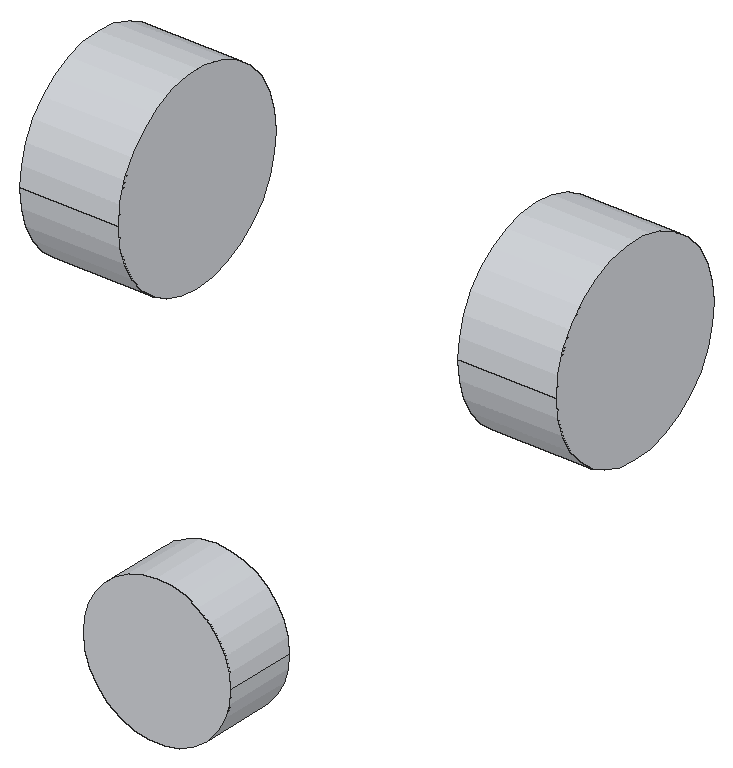
Revit family "25-CH", category Plumbing Fixtures, Revit 2014
Parameters (values of type "25-CH")
  Vent Connection = yes
  URL = "http://www.helvex.com.mx/contenido.php?producto=332"
  Type Comments = "Drains"
  Plate Diameter = 7.1"
  Model = "25-CH"
  Minimum Height = 6.3"
  Maximum Height = 7.1"
  Manufacturer = "Helvex"
  Installation Thread Upper = "2\" - 11 ½ NPSM"
  Installation Thread Lower = "1 ½\" - 11 NPSM"
  Grid = Stainless Steel
  Features = "Integrated Cesspool, Hydraulic Seal, Double Drain Plate"
  Drain = Forged Brass
  Documentation = "http://www.helvex.com.mx/productos/fichas/25-CH.pdf"
  Description = "Floor Drain With Round Three Outlets Grid Square"
  CW Connection = yes
  Body = Iron, Cast
Reference planes (in)
  plane 1 "Center (Front/Back)": y = 0
  plane 2: z = 0
  plane 3 "Center (Left/Right)": x = 0
Forms (in)
  Extrusion 1, solid
    sketch origin (0, 0, -6.47977) x (1, 0, 0) y (0, 0, 1)
      loop
        circle (0, 1.145) r 0.75
    from 1.92387 to 2.665
  Extrusion 2, solid
    sketch origin (0, 0, -6.47977) x (0, 1, 0) y (0, 0, 1)
      loop
        circle (0, 3.765) r 1
    from 1.72693 to 2.729
  Extrusion 3, solid
    sketch origin (-4.45593, 0, -6.47977) x (0, 1, 0) y (0, 0, 1)
      loop
        circle (0, 3.765) r 1
    from 1.72693 to 2.729
Dimensions and locks (in)
  aligned and locked: level to plane 2
Connectors (in)
  piping at (0, -2.665, -5.33477), diameter 1.5, driven by "CW Connection"
    settings: on Extrusion 1, index 1, connector inside diameter 24", connector length 0", flow factor 0, pipe flow 0.0 GPM, pressure drop 0.0 psi, fitting loss kfactor 0, connector angle 0.00°, fixture units 0, engagement length 0", angle of deflection 0.00°, flow configuration 2, flow direction 1, fitting loss method 0, system type 16, joint type 0, gender type 0, connector reference index -1, connector utility 1, adjustable connector no, is connector primary yes, connector description ""
  piping at (2.729, 0, -2.71477), diameter 2, driven by "CW Connection"
    settings: on Extrusion 2, index 2, connector inside diameter 24", connector length 0", flow factor 0, pipe flow 0.0 GPM, pressure drop 0.0 psi, fitting loss kfactor 0, connector angle 0.00°, fixture units 0, engagement length 0", angle of deflection 0.00°, flow configuration 2, flow direction 2, fitting loss method 0, system type 16, joint type 0, gender type 0, connector reference index -1, connector utility 1, adjustable connector no, is connector primary no, connector description ""
  piping at (-2.729, 0, -2.71477), diameter 2, driven by "CW Connection"
    settings: on Extrusion 3, index 3, connector inside diameter 24", connector length 0", flow factor 0, pipe flow 0.0 GPM, pressure drop 0.0 psi, fitting loss kfactor 0, connector angle 0.00°, fixture units 0, engagement length 0", angle of deflection 0.00°, flow configuration 2, flow direction 2, fitting loss method 0, system type 16, joint type 0, gender type 0, connector reference index -1, connector utility 1, adjustable connector no, is connector primary no, connector description ""
